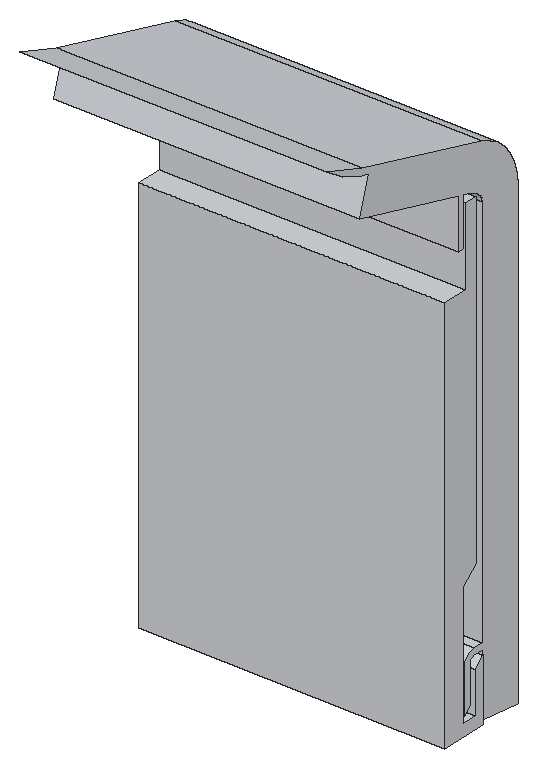
Revit family "HansWeitzel_2028", category Allgemeines Modell, Revit 2017
Family settings
  Basisbauteil = Wand
  Kann Basisbauteil für Bewehrung sein = Nein
  Bemaßung runder Anschluss = Durchmesser verwenden
  Teiletyp = Normal
  Immer vertikal = Ja
  Beim Laden mit Abzugskörper schneiden = Nein
  Gemeinsam genutzt = Nein
  Raumberechnungspunkt = Nein
Parameters (values of type "Type 1")
  max. Betriebstemperatur (°C) = 90
  Werkstoff = "Acryl"
  Wandmontage möglich = yes
  Typname = "HZ-Stoßverbinder SLF Buche hell"
  Tiefe (mm) = 30
  Profilart = "Anschlussprofi"
  Menge pro Verpackungseinheit = 10
  Length3 = 50 mm
  Length2 = 50 mm
  Length1 = 50 mm
  Ist Zubehör = no
  Ist System = no
  Höhe [mm] = 97
  Hersteller = "Hans Weitzel GmbH & Co. KG"
  HeinzeBIM = "https://www.heinze.de/bim/hz-stossverbinder-slf-buche-hell/1c430db89f9f9bc464339535b0a02711714ecadf"
  HAN = "2028"
  Gewicht unverpackt (netto) [kg] = 0.008
  GTIN = "4022023219913"
  Farbton = "Holzart/Holzdekor"
  Dekor = "Buche hell"
  Breite [mm] = 45
  Beschreibung = "HZ-Stoßverbinder SLF Buche hell für HZ-Sockelleiste SLF nur mit SCH2158"
  BIMSITE_PRODUCT_ID = "1c430db89f9f9bc464339535b0a02711714ecadf"
  BIM = "https://media.live.bim.site/t/eyJhbGciOiJIUzI1NiIsInR5cCI6IkpXVCJ9.eyJjdCI6MSwidGYiOiJwdWJsaWMvaGFucy13ZWl0emVsLWdtYmgtY28ta2cvMjI1MGEyZS9IWl9TTEZfU3Rvc3N2ZXJiaW5kZXIucmZhIiwiY2lkIjoiZmVkOThlOWEtMWJkOC00YzY4LWE3M2ItNzRhOTRlMzE1ODIzIiwicmlkIjoiNmM5YmJhMGUyZGIxMjFkODYyY2ZkNjM1MDk3Y2JjMjUiLCJwaWQiOiIxYzQzMGRiODlmOWY5YmM0NjQzMzk1MzViMGEwMjcxMTcxNGVjYWRmIiwic2lkIjoiNjM1NTgiLCJ1dCI6NSwibGMiOiJkZSIsImlhdCI6MTU4MDEyMjcyNiwiaXNzIjoiaHR0cHM6Ly9hcGkubGl2ZS5iaW0uc2l0ZSIsInN1YiI6ImY1ODZjNGI2LWE1MDgtNDI3YS05ODE4LTEzMTc5NjY1NzZiYyJ9.Qj5CUTq_pah-6eHWGRQ_iYhw1fXdLeLjl-6CDcLky0M/HZ_SLF_Stossverbinder.rfa"
Reference planes
  plane 1 "Wall": y = 0
  plane 2 "Center (Left/Right)": x = 125
  plane 3 "Back": y = 75
Text (mm)
  text "Placement side" at (0, 1409.804, 2854.306), in view "Left"
  text "Placement side" at (0, 499.811, 2980.732), in view "Right"
Dimensions and locks
  locked: plane 3 "Back" to host wall
  aligned and locked: plane 1 "Wall" to host wall
  aligned and locked: nested 1 to plane 3 "Back"
  aligned and locked: nested 2 to plane 3 "Back"
  aligned and locked: nested 2 to plane 2 "Center (Left/Right)"
  aligned and locked: nested 1 to plane 2 "Center (Left/Right)"
Nested families
  nested 1: "HZ_SLF_Part2" at (125, 75, 0) x (-1, 0, 0) z (0, 0, 1), type "HZ_SLF_Part2"
    with Length2 50 mm
  nested 2: "HZ_SLF_Profil" at (125, 75, 0) x (-1, 0, 0) z (0, 0, 1), type "HZ_SLF_Profil"
Definition of nested family "HZ_SLF_Part2"
  Parameters
    Length2 = 400 mm
  Reference planes
    plane 1 "Center (Front/Back)": y = 0
    plane 2: z = 0
    plane 3 "Center (Left/Right)": x = 0
    plane 4: z = 78
  Forms (mm)
    Extrusion 1, solid, detail levels fine
      sketch origin (0, 0, 0) x (0, 1, 0) y (0, 0, 1)
        loop
          line (-28, 65.25) -> (-28, 78) -> (-30, 78) -> (-30, 24.25) -> (-27.5, 22) -> (-27.5, 2) -> (-30, 2) -> (-30, 8.75) -> (-31.5, 10.25) -> (-31.5, 0) -> (-23.75, 0) -> (-23.75, 65.25) -> (-28, 65.25)
      from -200 to 200
    Extrusion 2, solid, detail levels medium
      sketch origin (0, 0, 0) x (0, 1, 0) y (0, 0, 1)
        loop
          line (-28, 65.25) -> (-28, 78) -> (-30, 78) -> (-30, 22) -> (-27.5, 22) -> (-27.5, 2) -> (-30, 2) -> (-30, 8.75) -> (-31.5, 8.75) -> (-31.5, 0) -> (-23.75, 0) -> (-23.75, 65.25) -> (-28, 65.25)
      from -200 to 200
    Extrusion 3, solid, detail levels coarse
      sketch origin (0, 0, 0) x (0, 1, 0) y (0, 0, 1)
        loop
          line (-31.5, 78) -> (-31.5, 0) -> (-23.75, 0) -> (-23.75, 78) -> (-31.5, 78)
      from -200 to 200
  Dimensions and locks
    equal spacing: Extrusion 1, plane 3 "Center (Left/Right)", Extrusion 1
    "Length2": Extrusion 1 to Extrusion 1
    aligned and locked: level to plane 2
    aligned and locked: Extrusion 3 to Extrusion 1  (x2)
    aligned and locked: Extrusion 2 to Extrusion 3  (x2)
  Automatic sketch dimensions
    Extrusion 1 sketch curve to level = 0 mm
    level to Extrusion 1 sketch curve = 10.25 mm
    plane 1 "Center (Front/Back)" to Extrusion 1 sketch curve = 31.5 mm
    Extrusion 1 sketch curve to Extrusion 1 sketch curve = 1.5 mm  (x2)
    level to Extrusion 1 sketch curve = 8.75 mm
    Extrusion 1 sketch curve to Extrusion 1 sketch curve = 2 mm
    Extrusion 1 sketch curve to Extrusion 1 sketch curve = 2.5 mm
    Extrusion 1 sketch curve to Extrusion 1 sketch curve = 4.25 mm
    level to Extrusion 1 sketch curve = 2 mm
    Extrusion 1 sketch curve to Extrusion 1 sketch curve = 11.75 mm
    Extrusion 1 sketch curve to Extrusion 1 sketch curve = 2.25 mm
    Extrusion 1 sketch curve to Extrusion 1 sketch curve = 41 mm
    Extrusion 1 sketch curve to Extrusion 1 sketch curve = 12.75 mm
    Extrusion 2 sketch curve to level = 0 mm
    plane 1 "Center (Front/Back)" to Extrusion 2 sketch curve = 31.5 mm
    Extrusion 2 sketch curve to Extrusion 2 sketch curve = 1.5 mm
    Extrusion 2 sketch curve to Extrusion 2 sketch curve = 2 mm
    Extrusion 2 sketch curve to Extrusion 2 sketch curve = 4.25 mm
    level to Extrusion 2 sketch curve = 2 mm
    Extrusion 2 sketch curve to Extrusion 2 sketch curve = 12.75 mm
    Extrusion 2 sketch curve to Extrusion 2 sketch curve = 2.5 mm
    Extrusion 2 sketch curve to Extrusion 2 sketch curve = 43.25 mm
    Extrusion 2 sketch curve to Extrusion 2 sketch curve = 0 mm
    Extrusion 2 sketch curve to Extrusion 2 sketch curve = 6.75 mm
    Extrusion 2 sketch curve to Extrusion 2 sketch curve = 13.25 mm
    Extrusion 3 sketch curve to level = 0 mm
    Extrusion 3 sketch curve to Extrusion 3 sketch curve = 7.75 mm
    plane 1 "Center (Front/Back)" to Extrusion 3 sketch curve = 31.5 mm
    level to Extrusion 3 sketch curve = 78 mm
Definition of nested family "HZ_SLF_Profil"
  Parameters
    Length3 = 50 mm
  Reference planes
    plane 1 "Center (Front/Back)": y = 0
    plane 2: z = 0
    plane 3 "Center (Left/Right)": x = 0
    plane 4: z = 95
  Forms (mm)
    Extrusion 1, solid, detail levels fine
      sketch origin (0, 0, 0) x (0, 1, 0) y (0, 0, 1)
        loop
          line (-38.561, 76.002) -> (-38.561, 0) -> (-31.5, 0.791) -> (-31.5, 11) -> (-29.75, 11)
          arc (-29.75, 11) -> (-29.043, 10.707) -> (-28.75, 10) r 1
          line (-28.75, 10) -> (-28.75, 4) -> (-27.75, 3) -> (-27.75, 10)
          arc (-27.75, 10) -> (-28.336, 11.414) -> (-29.75, 12) r 2
          line (-29.75, 12) -> (-31.5, 12) -> (-31.5, 76.545)
          arc (-31.5, 76.545) -> (-30.751, 77.994) -> (-29.355, 78.837) r 3
          line (-29.355, 78.837) -> (-27.5, 79.347) -> (-27.5, 71.5) -> (-26.5, 71.5) -> (-26.5, 79.621) -> (-6.471, 85.123) -> (-8.262, 90.853) -> (-6.8, 91.255)
          arc (-6.8, 91.255) -> (-2.978, 92.748) -> (0.452, 95) r 19.703
          arc (0.452, 95) -> (-3.246, 93.447) -> (-7.065, 92.219) r 46.507
          line (-7.065, 92.219) -> (-31.209, 85.587)
          arc (-31.209, 85.587) -> (-36.496, 82.03) -> (-38.561, 76.002) r 10
      from -25 to 25
    Extrusion 2, solid, detail levels medium
      sketch origin (0, 0, 0) x (0, 1, 0) y (0, 0, 1)
        loop
          line (-7.065, 92.219) -> (-31.209, 85.587)
          arc (-31.209, 85.587) -> (-36.496, 82.03) -> (-38.561, 76.002) r 10
          line (-38.561, 76.002) -> (-38.561, 0) -> (-31.5, 0.791) -> (-31.5, 11) -> (-28.75, 11) -> (-28.75, 3) -> (-27.75, 3) -> (-27.75, 12) -> (-31.5, 12) -> (-31.5, 76.545)
          arc (-31.5, 76.545) -> (-30.751, 77.994) -> (-29.355, 78.837) r 3
          line (-29.355, 78.837) -> (-27.5, 79.347) -> (-27.5, 71.5) -> (-26.5, 71.5) -> (-26.5, 79.621) -> (-6.471, 85.123) -> (0.452, 95)
          arc (0.452, 95) -> (-3.246, 93.447) -> (-7.065, 92.219) r 46.507
      from -25 to 25
    Extrusion 3, solid, detail levels coarse
      sketch origin (0, 0, 0) x (0, 1, 0) y (0, 0, 1)
        loop
          line (-38.561, 0) -> (0.452, 0) -> (0.452, 95) -> (-38.561, 95) -> (-38.561, 0)
      from -25 to 25
  Dimensions and locks
    equal spacing: Extrusion 3, plane 3 "Center (Left/Right)", Extrusion 3
    "Length3": Extrusion 3 to Extrusion 3
    aligned and locked: level to plane 2
    aligned and locked: Extrusion 1 to Extrusion 3
    aligned and locked: Extrusion 2 to Extrusion 3
    aligned and locked: Extrusion 3 to Extrusion 1
    aligned and locked: Extrusion 3 to Extrusion 2
  Automatic sketch dimensions
    plane 1 "Center (Front/Back)" to Extrusion 3 sketch curve = 38.561 mm
    Extrusion 3 sketch curve to plane 1 "Center (Front/Back)" = 0.452 mm
    Extrusion 3 sketch curve to level = 0 mm
    level to Extrusion 3 sketch curve = 95 mm
    Extrusion 2 sketch curve to Extrusion 2 sketch curve = 0 mm  (x2)
    Extrusion 2 sketch curve to level = 0 mm
    Extrusion 2 sketch curve to plane 4 = 0 mm
    plane 1 "Center (Front/Back)" to Extrusion 2 sketch curve = 38.561 mm
    level to Extrusion 2 sketch curve = 0.791 mm
    Extrusion 2 sketch curve to Extrusion 2 sketch curve = 7.061 mm  (x2)
    Extrusion 2 sketch curve to plane 4 = 9.413 mm
    Extrusion 2 sketch curve to Extrusion 2 sketch curve = 0.291 mm
    Extrusion 2 sketch curve to plane 4 = 16.163 mm
    Extrusion 2 sketch curve to Extrusion 2 sketch curve = 2.145 mm
    Extrusion 2 sketch curve to Extrusion 2 sketch curve = 2.75 mm
    Extrusion 2 sketch curve to Extrusion 2 sketch curve = 2.939 mm
    Extrusion 2 sketch curve to Extrusion 2 sketch curve = 1 mm  (x3)
    Extrusion 2 sketch curve to Extrusion 2 sketch curve = 1.061 mm
    plane 1 "Center (Front/Back)" to Extrusion 2 sketch curve = 19.383 mm
    plane 1 "Center (Front/Back)" to Extrusion 2 sketch curve = 7.065 mm
    plane 1 "Center (Front/Back)" to Extrusion 2 sketch curve = 6.471 mm
    level to Extrusion 2 sketch curve = 3 mm
    Extrusion 2 sketch curve to Extrusion 2 sketch curve = 8 mm
    Extrusion 2 sketch curve to Extrusion 2 sketch curve = 7.337 mm
    Extrusion 2 sketch curve to Extrusion 2 sketch curve = 2.893 mm
    Extrusion 2 sketch curve to Extrusion 2 sketch curve = 0.51 mm
    Extrusion 2 sketch curve to Extrusion 2 sketch curve = 0.275 mm
    Extrusion 2 sketch curve to plane 4 = 9.877 mm
    Extrusion 2 sketch curve to plane 4 = 2.781 mm
    plane 4 to Extrusion 2 sketch curve = 42.065 mm
    Extrusion 1 sketch curve to Extrusion 1 sketch curve = 0 mm  (x5)
    Extrusion 1 sketch curve to level = 0 mm
    Extrusion 1 sketch curve to plane 4 = 0 mm
    plane 1 "Center (Front/Back)" to Extrusion 1 sketch curve = 38.561 mm
    level to Extrusion 1 sketch curve = 0.791 mm
    Extrusion 1 sketch curve to Extrusion 1 sketch curve = 7.061 mm
    Extrusion 1 sketch curve to plane 4 = 9.413 mm
    Extrusion 1 sketch curve to Extrusion 1 sketch curve = 0.291 mm
    Extrusion 1 sketch curve to Extrusion 1 sketch curve = 1.75 mm
    Extrusion 1 sketch curve to plane 4 = 16.163 mm
    Extrusion 1 sketch curve to Extrusion 1 sketch curve = 2.145 mm
    level to Extrusion 1 sketch curve = 4 mm
    Extrusion 1 sketch curve to Extrusion 1 sketch curve = 2.75 mm
    Extrusion 1 sketch curve to Extrusion 1 sketch curve = 2.939 mm
    Extrusion 1 sketch curve to Extrusion 1 sketch curve = 1 mm  (x3)
    Extrusion 1 sketch curve to Extrusion 1 sketch curve = 1.855 mm
    plane 1 "Center (Front/Back)" to Extrusion 1 sketch curve = 19.383 mm
    plane 1 "Center (Front/Back)" to Extrusion 1 sketch curve = 12.019 mm
    plane 1 "Center (Front/Back)" to Extrusion 1 sketch curve = 8.262 mm
    Extrusion 1 sketch curve to Extrusion 1 sketch curve = 1.197 mm
    Extrusion 1 sketch curve to Extrusion 1 sketch curve = 1.791 mm
    Extrusion 1 sketch curve to Extrusion 1 sketch curve = 6 mm
    Extrusion 1 sketch curve to Extrusion 1 sketch curve = 7.337 mm
    Extrusion 1 sketch curve to Extrusion 1 sketch curve = 2.893 mm
    Extrusion 1 sketch curve to Extrusion 1 sketch curve = 0.51 mm
    Extrusion 1 sketch curve to Extrusion 1 sketch curve = 0.275 mm
    Extrusion 1 sketch curve to plane 4 = 9.877 mm
    Extrusion 1 sketch curve to plane 4 = 4.147 mm
    Extrusion 1 sketch curve to Extrusion 1 sketch curve = 1.366 mm
    plane 4 to Extrusion 1 sketch curve = 15.254 mm
    Extrusion 1 sketch curve to Extrusion 1 sketch curve = 26.811 mm
    Extrusion 1 sketch curve to Extrusion 1 sketch curve = 0.265 mm
